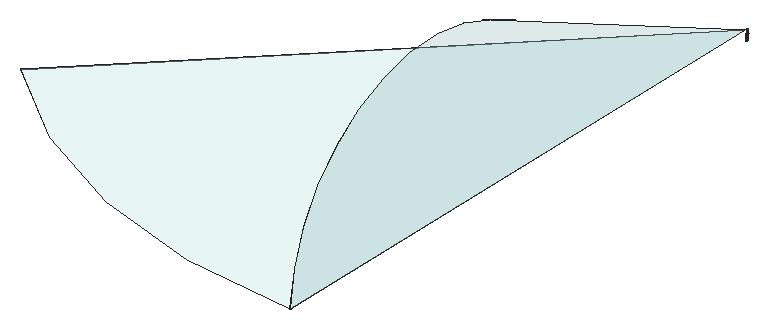
Revit family "Rotor 5000 Series - 5000SPCSAM", category Acessórios do tubo, Revit 2020
Family settings
  Cota do conector redondo = Utilizar diâmetro
  Tipo de parte = Normal
  Número OmniClass = 23.60.30.11.14
  Título OmniClass = Pipework Fittings
  Com base no plano de trabalho = Não
  Sempre na vertical = Sim
  Corte com vazios quando carregada = Não
  Compartilhado = Não
Parameters (values of type "Rain Curtain 6.0")
  Water = Water
  URL = "https://www.rainbird.com/"
  TABLE 65 = "TABLE 65psi"
  TABLE 55 75 = "TABLE 55 75psi"
  TABLE 55 = "TABLE 55psi"
  TABLE 45 = "TABLE 45psi"
  TABLE 35 = "TABLE 35psi"
  TABLE 25 = "TABLE 25psi"
  SupportProjetos: Reviw Date = ""  # constant formula
  SupportProjetos: Reviw = "R00"  # constant formula
  SupportProjetos: Level of Detail = "LOD 300"  # constant formula
  SupportProjetos: Developed = "MICHEL SOARES MOTA"  # constant formula
  SupportProjetos: Creation Date = "07/08/2020"  # constant formula
  Side inlet = no
  Rotation Water Visibility [instance] = Pop up on  # yes
  Rotation Angle [instance] = 45.00°
  RainBird: Product Link = "https://www.rainbird.com/"
  RainBird: Description = "5000SPCSAM Rotor "  # constant formula
  RainBird: Comment [instance] = ""
  RainBird: Code = "Y54907"  # constant formula
  Radius [instance] = if(and(Pressure = 25.0 psi, Instance < 25 ft), size_lookup(TABLE 25, "Radius", 0 ft, Instance), if(and(Pressure = 35.0 psi, Instance < 25 ft), size_lookup(TABLE 35, "Radius", 0 ft, Instance), if(and(Pressure = 45.0 psi, Instance < 25 ft), size_lookup(TABLE 45, "Radius", 0 ft, Instance), if(and(Pressure = 55.0 psi, Instance < 13 ft), size_lookup(TABLE 55, "Radius", 0 ft, Instance), if(and(Pressure = 65.0 psi, Instance < 13 ft), size_lookup(TABLE 65, "Radius", 0 ft, Instance), if(and(Pressure > 55.0 psi, Instance > 13 ft), size_lookup(TABLE 55 75, "Radius", 0 ft, Instance), 0 ft))))))  # 50 ft
  RT = 0.009893 ft
  RN = 0.032808 ft
  R5 = 0.03937 ft
  R4 = 0.04101 ft
  R3 = 0.065617 ft
  R2 = 0.075407 ft
  R1 = 0.032808 ft
  Pressure [instance] = 55.0 psi
  Pop up height = 0.334646 ft
  Pop up on [instance] = yes
  Modelo = "5000SPCSAM"  # constant formula
  Instance = 7 ft
  H1 = Body height / 3  # 0.194663 ft
  Flow [instance] = if(and(Pressure = 25.0 psi, Instance < 25 ft), size_lookup(TABLE 25, "Flow", 0.0 GPM, Instance), if(and(Pressure = 35.0 psi, Instance < 25 ft), size_lookup(TABLE 35, "Flow", 0.0 GPM, Instance), if(and(Pressure = 45.0 psi, Instance < 25 ft), size_lookup(TABLE 45, "Flow", 0.0 GPM, Instance), if(and(Pressure = 55.0 psi, Instance < 13 ft), size_lookup(TABLE 55, "Flow", 0.0 GPM, Instance), if(and(Pressure = 65.0 psi, Instance < 13 ft), size_lookup(TABLE 65, "Flow", 0.0 GPM, Instance), if(and(Pressure > 55.0 psi, Instance > 13 ft), size_lookup(TABLE 55 75, "Flow", 0.0 GPM, Instance), 0.0 GPM))))))  # 6.63 GPM
  Fabricante = "Rain Bird"
  Elevação padrão = 0 ft
  Description = RainBird: Description  # "5000SPCSAM Rotor "
  DD13 = 0.002625 ft
  DD12 = 0.003937 ft
  DD11 = 0.009897 ft
  DD10 = 0.016404 ft
  DD8 [instance] = if(Pop up on, Pop up height, 0 ft)  # 0.334646 ft
  DD7 = 0.019685 ft
  DD6 [instance] = 0.016404 ft
  DD5 = 0.065617 ft
  DD4 = 0.032808 ft
  DD3 = 0.091048 ft
  DD2 [instance] = 0.024514 ft
  DD9 [instance] = if(Pop up on, Pop up height + 0.049541 ft, 0 ft)  # 0.384186 ft
  DD1 = 0.006562 ft
  Conection = 0.062664 ft  # constant formula
  Body height = 0.58399 ft
  Blue = Blue Plastic
  Black Plastic = Black Plastic
  Angle = 25.00°
Types (25, lengths in ft): name | Rotation Angle | Radius | Pressure | Instance | Flow
  (no name) | 45.00° | 50 | 55.0 psi | 7 | 6.63 GPM
  Rain Curtain 1.5 | 180.00° | 33 | 25.0 psi | 1 | 1.12 GPM
  Rain Curtain 2.0 | 180.00° | 35 | 25.0 psi | 2 | 1.5 GPM
  Rain Curtain 3.0 | 180.00° | 36 | 25.0 psi | 4 | 2.26 GPM
  Rain Curtain 4.0 | 180.00° | 36 | 25.0 psi | 5 | 2.91 GPM
  Rain Curtain 5.0 | 180.00° | 37 | 25.0 psi | 6 | 3.72 GPM
  Rain Curtain 6.0 | 45.00° | 50 | 55.0 psi | 7 | 6.63 GPM
  Rain Curtain 8.0 | 180.00° | 33 | 25.0 psi | 8 | 5.9 GPM
  Rain Curtain 2.5 | 180.00° | 35 | 25.0 psi | 3 | 1.81 GPM
  1.0 LA | 180.00° | 25 | 25.0 psi | 9 | 0.76 GPM
  1.5 LA | 180.00° | 27 | 25.0 psi | 10 | 1.15 GPM
  2.0 LA | 180.00° | 29 | 25.0 psi | 11 | 1.47 GPM
  3.0 LA | 180.00° | 29 | 25.0 psi | 12 | 2.23 GPM
  PRS Rain Curtain 1.5 | 180.00° | 33 | 25.0 psi | 13 | 1.12 GPM
  PRS Rain Curtain 2.0 | 180.00° | 35 | 25.0 psi | 14 | 1.5 GPM
  PRS Rain Curtain 2.5 | 180.00° | 35 | 25.0 psi | 15 | 1.81 GPM
  PRS Rain Curtain 3.0 | 180.00° | 36 | 25.0 psi | 16 | 2.26 GPM
  PRS Rain Curtain 4.0 | 180.00° | 36 | 25.0 psi | 17 | 2.91 GPM
  PRS Rain Curtain 5.0 | 180.00° | 37 | 25.0 psi | 18 | 3.72 GPM
  PRS Rain Curtain 6.0 | 180.00° | 37 | 25.0 psi | 19 | 4.25 GPM
  PRS Rain Curtain 8.0 | 180.00° | 33 | 25.0 psi | 20 | 5.9 GPM
  PRS 1.0 LA | 180.00° | 25 | 25.0 psi | 21 | 0.76 GPM
  PRS 1.5 LA | 180.00° | 27 | 25.0 psi | 22 | 1.15 GPM
  PRS 2.0 LA | 180.00° | 29 | 25.0 psi | 23 | 1.47 GPM
  PRS 3.0 LA | 180.00° | 29 | 25.0 psi | 24 | 2.23 GPM
Reference planes (ft)
  plane 1 "Centro (Frente/Trás)": y = 0
  plane 2: z = 0
  plane 3 "Centro (Esquerda/Direita)": x = 0
  plane 4: z = 0.003937
  plane 5: z = 0.002625
  plane 6: y = -0.065617
Forms (ft)
  Revolve 1, solid, material "Black Plastic" <- "Black Plastic"
    sketch origin (0, 0, 0) x (1, 0, 0) y (0, 0, 1)
      loop
        line (0.075407, -0.091048) -> (0.075407, -0.035324)
        arc (0.075407, -0.035324) -> (0.072509, -0.028329) -> (0.065514, -0.025431) r 0.009893
        line (0.065514, -0.025431) -> (0.046098, -0.025431) -> (0.046098, 0) -> (0.03937, 0) -> (0.03937, -0.334646) -> (0.019685, -0.334646) -> (0.019685, -0.577428) -> (0.032808, -0.577428) -> (0.032808, -0.58399) -> (0.04101, -0.58399) -> (0.04101, -0.577428) -> (0.055724, -0.577428)
        arc (0.055724, -0.577428) -> (0.062719, -0.57453) -> (0.065617, -0.567535) r 0.009893
        line (0.065617, -0.567535) -> (0.065617, -0.091048) -> (0.075407, -0.091048)
      axis (0, -0.58399) -> (0, 0)
    angle from 0 to 360
  Extrusion 2, solid, material "Black Plastic" <- "Black Plastic"
    sketch origin (0, 0, 0) x (1, 0, 0) y (0, 1, 0)
      loop
        circle (0, 0) r 0.032808
    from -0.334646 to 0.334646
  Extrusion 3, void
    sketch origin (0, 0, 0) x (1, 0, 0) y (0, 1, 0)
      loop
        circle (0, 0) r 0.022844
    from -0.334646 to 0.334646
  Revolve 4, solid, material "Black Plastic" <- "Black Plastic"
    sketch origin (0, 0, 0) x (1, 0, 0) y (0, 0, 1)
      loop
        line (0, 0.334646) -> (0.037004, 0.334646) -> (0.037004, 0.344543)
        arc (0.037004, 0.344543) -> (0.01879, 0.349436) -> (0, 0.35105) r 0.10685
        line (0, 0.35105) -> (0, 0.334646)
      axis (0, 0.334646) -> (0, 0.35105)
    angle from 0 to 360
  Extrusion 5, solid, material "Blue Plastic" <- "Blue"
    sketch origin (0, 0, 0) x (1, 0, 0) y (0, 0, 1)
      loop
        circle (0, 0.310131) r 0.009129
      loop
        circle (0, 0.310131) r 0.004793
    from 0 to 0.034386
  Extrusion 6, void
    sketch origin (0, 0, 0) x (1, 0, 0) y (0, 0, 1)
      loop
        line (-0.02074, 0.328055) -> (-0.02074, 0.282426) -> (0.020672, 0.282426) -> (0.020672, 0.328055) -> (-0.02074, 0.328055)
      loop
        line (-0.018439, 0.325179) -> (-0.018439, 0.285685) -> (0.018179, 0.285685) -> (0.018179, 0.325179) -> (-0.018439, 0.325179)
    from 0.024556 to 0.06931
  Extrusion 7, solid, material "Black Plastic" <- "Black Plastic"
    sketch origin (0, 0, 0) x (1, 0, 0) y (0, 0, 1)
      loop
        line (0.046098, 0) -> (0.046098, -0.036876) -> (0.073493, -0.036876) -> (0.046098, 0)
    from -0.002998 to 0.002998
  Extrusion 8, solid, material "Black Plastic" <- "Black Plastic"
    sketch origin (0, 0, 0) x (-1, 0, 0) y (0, 0, -1)
      loop
        line (0.046098, 0) -> (0.073493, 0.036876) -> (0.046098, 0.036876) -> (0.046098, 0)
    from -0.002998 to 0.002998
  Extrusion 9, solid, material "Black Plastic" <- "Black Plastic"
    sketch origin (0, 0, 0) x (0.866025, 0.5, 0) y (0, 0, 1)
      loop
        line (0.046098, 0) -> (0.046098, -0.036876) -> (0.073493, -0.036876) -> (0.046098, 0)
    from -0.002998 to 0.002998
  Extrusion 10, solid, material "Black Plastic" <- "Black Plastic"
    sketch origin (0, 0, 0) x (-0.866025, -0.5, 0) y (0, 0, -1)
      loop
        line (0.046098, 0) -> (0.073493, 0.036876) -> (0.046098, 0.036876) -> (0.046098, 0)
    from -0.002998 to 0.002998
  Extrusion 11, solid, material "Black Plastic" <- "Black Plastic"
    sketch origin (0, 0, 0) x (0, 1, 0) y (0, 0, 1)
      loop
        line (0.046098, 0) -> (0.046098, -0.036876) -> (0.073493, -0.036876) -> (0.046098, 0)
    from -0.002998 to 0.002998
  Extrusion 12, solid, material "Black Plastic" <- "Black Plastic"
    sketch origin (0, 0, 0) x (0, -1, 0) y (0, 0, -1)
      loop
        line (0.046098, 0) -> (0.073493, 0.036876) -> (0.046098, 0.036876) -> (0.046098, 0)
    from -0.002998 to 0.002998
  Extrusion 13, solid, material "Black Plastic" <- "Black Plastic"
    sketch origin (0, 0, 0) x (0.5, 0.866025, 0) y (0, 0, 1)
      loop
        line (0.046098, 0) -> (0.046098, -0.036876) -> (0.073493, -0.036876) -> (0.046098, 0)
    from -0.002998 to 0.002998
  Extrusion 14, solid, material "Black Plastic" <- "Black Plastic"
    sketch origin (0, 0, 0) x (-0.5, -0.866025, 0) y (0, 0, -1)
      loop
        line (0.046098, 0) -> (0.073493, 0.036876) -> (0.046098, 0.036876) -> (0.046098, 0)
    from -0.002998 to 0.002998
  Extrusion 15, solid, material "Black Plastic" <- "Black Plastic"
    sketch origin (0, 0, 0) x (-0.5, 0.866025, 0) y (0, 0, 1)
      loop
        line (0.046098, 0) -> (0.046098, -0.036876) -> (0.073493, -0.036876) -> (0.046098, 0)
    from -0.002998 to 0.002998
  Extrusion 16, solid, material "Black Plastic" <- "Black Plastic"
    sketch origin (0, 0, 0) x (0.5, -0.866025, 0) y (0, 0, -1)
      loop
        line (0.046098, 0) -> (0.073493, 0.036876) -> (0.046098, 0.036876) -> (0.046098, 0)
    from -0.002998 to 0.002998
  Extrusion 17, solid, material "Black Plastic" <- "Black Plastic"
    sketch origin (0, 0, 0) x (-0.866025, 0.5, 0) y (0, 0, 1)
      loop
        line (0.046098, 0) -> (0.046098, -0.036876) -> (0.073493, -0.036876) -> (0.046098, 0)
    from -0.002998 to 0.002998
  Extrusion 18, solid, material "Black Plastic" <- "Black Plastic"
    sketch origin (0, 0, 0) x (0.866025, -0.5, 0) y (0, 0, -1)
      loop
        line (0.046098, 0) -> (0.073493, 0.036876) -> (0.046098, 0.036876) -> (0.046098, 0)
    from -0.002998 to 0.002998
  Extrusion 19, void
    sketch origin (0, 0, 0) x (1, 0, 0) y (0, 1, 0)
      loop
        line (-0.002998, 0.077702) -> (-0.002998, 0.071655) -> (0.002998, 0.071655) -> (0.002998, 0.077702) -> (-0.002998, 0.077702)
    from -0.091048 to 0.82021
  Extrusion 20, void
    sketch origin (0, 0, 0) x (1, 0, 0) y (0, 1, 0)
      loop
        line (0.002998, -0.077702) -> (0.002998, -0.071655) -> (-0.002998, -0.071655) -> (-0.002998, -0.077702) -> (0.002998, -0.077702)
    from -0.091048 to 0.82021
  Extrusion 21, void
    sketch origin (0, 0, 0) x (0.965926, 0.258819, 0) y (-0.258819, 0.965926, 0)
      loop
        line (-0.002998, 0.077702) -> (-0.002998, 0.071655) -> (0.002998, 0.071655) -> (0.002998, 0.077702) -> (-0.002998, 0.077702)
    from -0.091048 to 0.82021
  Extrusion 22, void
    sketch origin (0, 0, 0) x (0.965926, 0.258819, 0) y (-0.258819, 0.965926, 0)
      loop
        line (0.002998, -0.077702) -> (0.002998, -0.071655) -> (-0.002998, -0.071655) -> (-0.002998, -0.077702) -> (0.002998, -0.077702)
    from -0.091048 to 0.82021
  Extrusion 23, void
    sketch origin (0, 0, 0) x (0.866025, 0.5, 0) y (-0.5, 0.866025, 0)
      loop
        line (-0.002998, 0.077702) -> (-0.002998, 0.071655) -> (0.002998, 0.071655) -> (0.002998, 0.077702) -> (-0.002998, 0.077702)
    from -0.091048 to 0.82021
  Extrusion 24, void
    sketch origin (0, 0, 0) x (0.866025, 0.5, 0) y (-0.5, 0.866025, 0)
      loop
        line (0.002998, -0.077702) -> (0.002998, -0.071655) -> (-0.002998, -0.071655) -> (-0.002998, -0.077702) -> (0.002998, -0.077702)
    from -0.091048 to 0.82021
  Extrusion 25, void
    sketch origin (0, 0, 0) x (0.5, 0.866025, 0) y (-0.866025, 0.5, 0)
      loop
        line (-0.002998, 0.077702) -> (-0.002998, 0.071655) -> (0.002998, 0.071655) -> (0.002998, 0.077702) -> (-0.002998, 0.077702)
    from -0.091048 to 0.82021
  Extrusion 26, void
    sketch origin (0, 0, 0) x (0.5, 0.866025, 0) y (-0.866025, 0.5, 0)
      loop
        line (0.002998, -0.077702) -> (0.002998, -0.071655) -> (-0.002998, -0.071655) -> (-0.002998, -0.077702) -> (0.002998, -0.077702)
    from -0.091048 to 0.82021
  Extrusion 27, void
    sketch origin (0, 0, 0) x (0.707107, 0.707107, 0) y (-0.707107, 0.707107, 0)
      loop
        line (-0.002998, 0.077702) -> (-0.002998, 0.071655) -> (0.002998, 0.071655) -> (0.002998, 0.077702) -> (-0.002998, 0.077702)
    from -0.091048 to 0.82021
  Extrusion 28, void
    sketch origin (0, 0, 0) x (0.707107, 0.707107, 0) y (-0.707107, 0.707107, 0)
      loop
        line (0.002998, -0.077702) -> (0.002998, -0.071655) -> (-0.002998, -0.071655) -> (-0.002998, -0.077702) -> (0.002998, -0.077702)
    from -0.091048 to 0.82021
  Extrusion 29, void
    sketch origin (0, 0, 0) x (0.258819, 0.965926, 0) y (-0.965926, 0.258819, 0)
      loop
        line (-0.002998, 0.077702) -> (-0.002998, 0.071655) -> (0.002998, 0.071655) -> (0.002998, 0.077702) -> (-0.002998, 0.077702)
    from -0.091048 to 0.82021
  Extrusion 30, void
    sketch origin (0, 0, 0) x (0.258819, 0.965926, 0) y (-0.965926, 0.258819, 0)
      loop
        line (0.002998, -0.077702) -> (0.002998, -0.071655) -> (-0.002998, -0.071655) -> (-0.002998, -0.077702) -> (0.002998, -0.077702)
    from -0.091048 to 0.82021
  Extrusion 31, void
    sketch origin (0, 0, 0) x (0, 1, 0) y (-1, 0, 0)
      loop
        line (-0.002998, 0.077702) -> (-0.002998, 0.071655) -> (0.002998, 0.071655) -> (0.002998, 0.077702) -> (-0.002998, 0.077702)
    from -0.091048 to 0.82021
  Extrusion 32, void
    sketch origin (0, 0, 0) x (0, 1, 0) y (-1, 0, 0)
      loop
        line (0.002998, -0.077702) -> (0.002998, -0.071655) -> (-0.002998, -0.071655) -> (-0.002998, -0.077702) -> (0.002998, -0.077702)
    from -0.091048 to 0.82021
  Extrusion 33, void
    sketch origin (0, 0, 0) x (-0.258819, 0.965926, 0) y (-0.965926, -0.258819, 0)
      loop
        line (-0.002998, 0.077702) -> (-0.002998, 0.071655) -> (0.002998, 0.071655) -> (0.002998, 0.077702) -> (-0.002998, 0.077702)
    from -0.091048 to 0.82021
  Extrusion 34, void
    sketch origin (0, 0, 0) x (-0.258819, 0.965926, 0) y (-0.965926, -0.258819, 0)
      loop
        line (0.002998, -0.077702) -> (0.002998, -0.071655) -> (-0.002998, -0.071655) -> (-0.002998, -0.077702) -> (0.002998, -0.077702)
    from -0.091048 to 0.82021
  Extrusion 35, void
    sketch origin (0, 0, 0) x (-0.5, 0.866025, 0) y (-0.866025, -0.5, 0)
      loop
        line (-0.002998, 0.077702) -> (-0.002998, 0.071655) -> (0.002998, 0.071655) -> (0.002998, 0.077702) -> (-0.002998, 0.077702)
    from -0.091048 to 0.82021
  Extrusion 36, void
    sketch origin (0, 0, 0) x (-0.5, 0.866025, 0) y (-0.866025, -0.5, 0)
      loop
        line (0.002998, -0.077702) -> (0.002998, -0.071655) -> (-0.002998, -0.071655) -> (-0.002998, -0.077702) -> (0.002998, -0.077702)
    from -0.091048 to 0.82021
  Extrusion 37, void
    sketch origin (0, 0, 0) x (-0.707107, 0.707107, 0) y (-0.707107, -0.707107, 0)
      loop
        line (-0.002998, 0.077702) -> (-0.002998, 0.071655) -> (0.002998, 0.071655) -> (0.002998, 0.077702) -> (-0.002998, 0.077702)
    from -0.091048 to 0.82021
  Extrusion 38, void
    sketch origin (0, 0, 0) x (-0.707107, 0.707107, 0) y (-0.707107, -0.707107, 0)
      loop
        line (0.002998, -0.077702) -> (0.002998, -0.071655) -> (-0.002998, -0.071655) -> (-0.002998, -0.077702) -> (0.002998, -0.077702)
    from -0.091048 to 0.82021
  Extrusion 39, void
    sketch origin (0, 0, 0) x (-0.866025, 0.5, 0) y (-0.5, -0.866025, 0)
      loop
        line (-0.002998, 0.077702) -> (-0.002998, 0.071655) -> (0.002998, 0.071655) -> (0.002998, 0.077702) -> (-0.002998, 0.077702)
    from -0.091048 to 0.82021
  Extrusion 40, void
    sketch origin (0, 0, 0) x (-0.866025, 0.5, 0) y (-0.5, -0.866025, 0)
      loop
        line (0.002998, -0.077702) -> (0.002998, -0.071655) -> (-0.002998, -0.071655) -> (-0.002998, -0.077702) -> (0.002998, -0.077702)
    from -0.091048 to 0.82021
  Extrusion 41, void
    sketch origin (0, 0, 0) x (-0.965926, 0.258819, 0) y (-0.258819, -0.965926, 0)
      loop
        line (-0.002998, 0.077702) -> (-0.002998, 0.071655) -> (0.002998, 0.071655) -> (0.002998, 0.077702) -> (-0.002998, 0.077702)
    from -0.091048 to 0.82021
  Extrusion 42, void
    sketch origin (0, 0, 0) x (-0.965926, 0.258819, 0) y (-0.258819, -0.965926, 0)
      loop
        line (0.002998, -0.077702) -> (0.002998, -0.071655) -> (-0.002998, -0.071655) -> (-0.002998, -0.077702) -> (0.002998, -0.077702)
    from -0.091048 to 0.82021
  Extrusion 43, solid, material "Water" <- "Water", visible <- "Rotation Water Visibility"
    sketch origin (0, 0, 0) x (0, 1, 0) y (0, 0, 1)
      loop
        line (-0.032808, 0.310131) -> (-28.112196, 13.403765)
        arc (-28.112196, 13.403765) -> (-42.542576, 12.666347) -> (-50.032808, 0.310131) r 15.426605
        line (-50.032808, 0.310131) -> (-0.032808, 0.310131)
    from -0.008202 to 0.008202
Cuts and joins
  Extrusion 3, Extrusion 6 cuts Extrusion 2
  Extrusion 19, Extrusion 20, Extrusion 21, Extrusion 22, Extrusion 23, Extrusion 24, Extrusion 25, Extrusion 26, Extrusion 27, Extrusion 28, Extrusion 29, Extrusion 30, Extrusion 31, Extrusion 32, Extrusion 33, Extrusion 34, Extrusion 35, Extrusion 36, Extrusion 37, Extrusion 38, Extrusion 39, Extrusion 40, Extrusion 41, Extrusion 42 cuts Revolve 1
Dimensions and locks (ft)
  "Body height": level to Revolve 1 sketch curve
  "R2": Revolve 1 sketch curve to plane 3 "Centro (Esquerda/Direita)"
  "DD1": Revolve 1 sketch curve to Revolve 1 sketch curve
  "DD3": level to Revolve 1 sketch curve
  Revolve 1 sketch curve to plane 3 "Centro (Esquerda/Direita)" = 0.065617 ft
  "R4": Revolve 1 sketch curve to plane 3 "Centro (Esquerda/Direita)"
  "RN": Revolve 1 sketch curve to plane 3 "Centro (Esquerda/Direita)"
  "Pop up height": level to Revolve 1 sketch curve
  "R5": plane 3 "Centro (Esquerda/Direita)" to Revolve 1 sketch curve
  "DD7": Revolve 1 sketch curve to plane 3 "Centro (Esquerda/Direita)"
  "DD8": Extrusion 2 to level
  "DD12": plane 4 to level
  "DD13": plane 5 to level
  "R3": plane 6 to plane 1 "Centro (Frente/Trás)"
  "DD5": Revolve 1 sketch curve to Revolve 1 sketch curve
  "DD10": Revolve 4 sketch curve to Revolve 4 sketch curve
  "DD11": Revolve 4 sketch curve to Revolve 4 sketch curve
  "DD2": Revolve 4 to Extrusion 5 sketch curve  (x2)
  Extrusion 7 to plane 3 "Centro (Esquerda/Direita)" = 0.046098 ft
  equal spacing: Extrusion 7, plane 1 "Centro (Frente/Trás)", Extrusion 7
  Extrusion 8 to Extrusion 8 = 0.005995 ft
  Extrusion 9 to Extrusion 9 = 0.005995 ft
  Extrusion 20 sketch curve to Extrusion 20 sketch curve = 0.005995 ft
  Extrusion 22 sketch curve to Extrusion 22 sketch curve = 0.005995 ft
  Extrusion 24 sketch curve to Extrusion 24 sketch curve = 0.005995 ft
  Extrusion 26 sketch curve to Extrusion 26 sketch curve = 0.005995 ft
  Extrusion 28 sketch curve to Extrusion 28 sketch curve = 0.005995 ft
  Extrusion 30 sketch curve to Extrusion 30 sketch curve = 0.005995 ft
  Extrusion 32 sketch curve to Extrusion 32 sketch curve = 0.005995 ft
  Extrusion 34 sketch curve to Extrusion 34 sketch curve = 0.005995 ft
  Extrusion 36 sketch curve to Extrusion 36 sketch curve = 0.005995 ft
  Extrusion 38 sketch curve to Extrusion 38 sketch curve = 0.005995 ft
  Extrusion 40 sketch curve to Extrusion 40 sketch curve = 0.005995 ft
  Extrusion 42 sketch curve to Extrusion 42 sketch curve = 0.005995 ft
  "DD4": plane 1 "Centro (Frente/Trás)" to Extrusion 43 sketch curve
  "DD2": Revolve 4 to Extrusion 43 sketch curve
  "Radius": Extrusion 43 sketch curve to Extrusion 43 sketch curve
  equal spacing: Extrusion 43, plane 3 "Centro (Esquerda/Direita)", Extrusion 43
  "DD6": Extrusion 43 to Extrusion 43
  "DD2": Revolve 4 to nested 1
  "RT": radius of Revolve 1 sketch curve  (x2)
  "R1": radius of Extrusion 2 sketch curve
  "Angle": angle Extrusion 43 sketch curve to Extrusion 43 sketch curve
  aligned and locked: level to plane 2
  aligned and locked: Revolve 1 sketch curve to Revolve 1 sketch curve
  aligned and locked: Extrusion 2 to Revolve 1
  aligned and locked: cut or joined group of Extrusion 2, Extrusion 3, Extrusion 6 to cut or joined group of Extrusion 2, Extrusion 3, Extrusion 6  (x2)
  aligned and locked: Revolve 4 sketch curve to cut or joined group of Extrusion 2, Extrusion 3, Extrusion 6
  aligned and locked: Extrusion 20 to Revolve 1
  aligned and locked: Extrusion 22 to Revolve 1
  aligned and locked: Extrusion 24 to Revolve 1
  aligned and locked: Extrusion 28 to Revolve 1
  aligned and locked: Extrusion 26 to Revolve 1
  aligned and locked: Extrusion 30 to Revolve 1
  aligned and locked: Extrusion 32 to Revolve 1
  aligned and locked: Extrusion 34 to Revolve 1
  aligned and locked: Revolve 1 to Extrusion 36
  aligned and locked: Revolve 1 to Extrusion 38
  aligned and locked: Extrusion 41 to Revolve 1
  aligned and locked: Extrusion 39 to Revolve 1
  aligned and locked: Extrusion 37 to Revolve 1
  aligned and locked: Extrusion 35 to Revolve 1
  aligned and locked: Extrusion 33 to Revolve 1
  aligned and locked: Extrusion 31 to Revolve 1
  aligned and locked: Extrusion 29 to Revolve 1
  aligned and locked: Revolve 1 to Extrusion 25
  aligned and locked: Revolve 1 to Extrusion 27
  aligned and locked: Revolve 1 to Extrusion 19
  aligned and locked: Revolve 1 to Extrusion 21
  aligned and locked: Revolve 1 to Extrusion 42
  aligned and locked: Revolve 1 to Extrusion 40
  aligned and locked: Revolve 1 to Extrusion 23
Automatic sketch dimensions
  plane 1 "Centro (Frente/Trás)" to Extrusion 2 sketch curve = 0 ft
  Extrusion 2 sketch curve to plane 3 "Centro (Esquerda/Direita)" = 0 ft
  plane 1 "Centro (Frente/Trás)" to Extrusion 3 sketch curve = 0 ft
  Extrusion 3 sketch curve to plane 3 "Centro (Esquerda/Direita)" = 0 ft
  Revolve 4 sketch curve to plane 3 "Centro (Esquerda/Direita)" = 0 ft  (x2)
  plane 3 "Centro (Esquerda/Direita)" to Revolve 4 sketch curve = 0.000284 ft
  plane 3 "Centro (Esquerda/Direita)" to Revolve 4 sketch curve = 0.037004 ft
  Revolve 4 sketch curve to Revolve 4 sketch curve = 0.015719 ft
  Revolve 4 sketch curve to Revolve 4 sketch curve = 0.114829 ft
  Extrusion 5 sketch curve to Extrusion 5 sketch curve = 0 ft
  Extrusion 5 sketch curve to plane 3 "Centro (Esquerda/Direita)" = 0 ft
  Extrusion 6 sketch curve to plane 3 "Centro (Esquerda/Direita)" = 0.02074 ft
  Extrusion 6 sketch curve to Extrusion 6 sketch curve = 0.002301 ft
  plane 3 "Centro (Esquerda/Direita)" to Extrusion 6 sketch curve = 0.018179 ft
  Extrusion 6 sketch curve to Extrusion 6 sketch curve = 0.002492 ft
  plane 4 to Extrusion 6 sketch curve = 0.278489 ft
  Extrusion 6 sketch curve to Extrusion 6 sketch curve = 0.003259 ft
  Extrusion 6 sketch curve to Extrusion 6 sketch curve = 0.039494 ft
  Extrusion 6 sketch curve to Extrusion 6 sketch curve = 0.002876 ft
  Extrusion 7 sketch curve to level = 0 ft
  plane 3 "Centro (Esquerda/Direita)" to Extrusion 7 sketch curve = 0.046098 ft
  Extrusion 7 sketch curve to Extrusion 7 sketch curve = 0.027396 ft
  Extrusion 7 sketch curve to Extrusion 7 sketch curve = 0.036876 ft
  Extrusion 8 sketch curve to level = 0 ft
  plane 3 "Centro (Esquerda/Direita)" to Extrusion 8 sketch curve = 0.046098 ft
  Extrusion 8 sketch curve to Extrusion 8 sketch curve = 0.027396 ft
  Extrusion 8 sketch curve to Extrusion 8 sketch curve = 0.036876 ft
  Extrusion 9 sketch curve to level = 0 ft
  Extrusion 9 sketch curve to level = 0.036876 ft
  Extrusion 9 sketch curve to Extrusion 9 sketch curve = 0.027396 ft
  Extrusion 10 sketch curve to level = 0 ft
  Extrusion 10 sketch curve to level = 0.036876 ft
  Extrusion 10 sketch curve to Extrusion 10 sketch curve = 0.027396 ft
  Extrusion 11 sketch curve to level = 0 ft
  Extrusion 11 sketch curve to plane 1 "Centro (Frente/Trás)" = 0.046098 ft
  Extrusion 11 sketch curve to Extrusion 11 sketch curve = 0.027396 ft
  Extrusion 11 sketch curve to Extrusion 11 sketch curve = 0.036876 ft
  Extrusion 12 sketch curve to level = 0 ft
  plane 6 to Extrusion 12 sketch curve = 0.019519 ft
  Extrusion 12 sketch curve to plane 6 = 0.007877 ft
  Extrusion 12 sketch curve to level = 0.036876 ft
  Extrusion 13 sketch curve to level = 0 ft
  Extrusion 13 sketch curve to level = 0.036876 ft
  Extrusion 13 sketch curve to Extrusion 13 sketch curve = 0.027396 ft
  Extrusion 14 sketch curve to level = 0 ft
  Extrusion 14 sketch curve to level = 0.036876 ft
  Extrusion 14 sketch curve to Extrusion 14 sketch curve = 0.027396 ft
  level to Extrusion 15 sketch curve = 0 ft
  Extrusion 15 sketch curve to level = 0.036876 ft
  Extrusion 15 sketch curve to Extrusion 15 sketch curve = 0.027396 ft
  level to Extrusion 16 sketch curve = 0 ft
  Extrusion 16 sketch curve to level = 0.036876 ft
  Extrusion 16 sketch curve to Extrusion 16 sketch curve = 0.027396 ft
  level to Extrusion 17 sketch curve = 0 ft
  Extrusion 17 sketch curve to level = 0.036876 ft
  Extrusion 17 sketch curve to Extrusion 17 sketch curve = 0.027396 ft
  level to Extrusion 18 sketch curve = 0 ft
  Extrusion 18 sketch curve to level = 0.036876 ft
  Extrusion 18 sketch curve to Extrusion 18 sketch curve = 0.027396 ft
  Extrusion 19 sketch curve to plane 3 "Centro (Esquerda/Direita)" = 0.002998 ft
  Extrusion 19 sketch curve to plane 1 "Centro (Frente/Trás)" = 0.071655 ft
  Extrusion 19 sketch curve to Extrusion 19 sketch curve = 0.006047 ft
  plane 3 "Centro (Esquerda/Direita)" to Extrusion 20 sketch curve = 0.002998 ft
  plane 6 to Extrusion 20 sketch curve = 0.006038 ft
  Extrusion 20 sketch curve to Extrusion 20 sketch curve = 0.006047 ft
  plane 3 "Centro (Esquerda/Direita)" to Extrusion 19 sketch curve = 0.002998 ft
  Extrusion 21 sketch curve to plane 3 "Centro (Esquerda/Direita)" = 0.021441 ft
  Extrusion 21 sketch curve to plane 1 "Centro (Frente/Trás)" = 0.068438 ft
  Extrusion 21 sketch curve to Extrusion 21 sketch curve = 0.005995 ft
  Extrusion 21 sketch curve to Extrusion 21 sketch curve = 0.006047 ft
  Extrusion 22 sketch curve to plane 6 = 0.010213 ft
  plane 3 "Centro (Esquerda/Direita)" to Extrusion 22 sketch curve = 0.017215 ft
  Extrusion 22 sketch curve to Extrusion 22 sketch curve = 0.006047 ft
  Extrusion 23 sketch curve to plane 3 "Centro (Esquerda/Direita)" = 0.038424 ft
  Extrusion 23 sketch curve to plane 1 "Centro (Frente/Trás)" = 0.060556 ft
  Extrusion 23 sketch curve to Extrusion 23 sketch curve = 0.005995 ft
  Extrusion 23 sketch curve to Extrusion 23 sketch curve = 0.006047 ft
  Extrusion 24 sketch curve to plane 6 = 0.003174 ft
  plane 3 "Centro (Esquerda/Direita)" to Extrusion 24 sketch curve = 0.036255 ft
  Extrusion 24 sketch curve to Extrusion 24 sketch curve = 0.006047 ft
  Extrusion 25 sketch curve to plane 1 "Centro (Frente/Trás)" = 0.033231 ft
  Extrusion 25 sketch curve to plane 3 "Centro (Esquerda/Direita)" = 0.063554 ft
  Extrusion 25 sketch curve to Extrusion 25 sketch curve = 0.005995 ft
  Extrusion 25 sketch curve to Extrusion 25 sketch curve = 0.006047 ft
  Extrusion 26 sketch curve to plane 6 = 0.02417 ft
  Extrusion 26 sketch curve to plane 3 "Centro (Esquerda/Direita)" = 0.065793 ft
  Extrusion 26 sketch curve to Extrusion 26 sketch curve = 0.006047 ft
  Extrusion 27 sketch curve to plane 1 "Centro (Frente/Trás)" = 0.048548 ft
  Extrusion 27 sketch curve to plane 3 "Centro (Esquerda/Direita)" = 0.052787 ft
  Extrusion 27 sketch curve to Extrusion 27 sketch curve = 0.005995 ft
  Extrusion 27 sketch curve to Extrusion 27 sketch curve = 0.006047 ft
  plane 6 to Extrusion 28 sketch curve = 0.008554 ft
  plane 3 "Centro (Esquerda/Direita)" to Extrusion 28 sketch curve = 0.052824 ft
  Extrusion 28 sketch curve to Extrusion 28 sketch curve = 0.006047 ft
  Extrusion 29 sketch curve to plane 1 "Centro (Frente/Trás)" = 0.01565 ft
  Extrusion 29 sketch curve to plane 3 "Centro (Esquerda/Direita)" = 0.069989 ft
  Extrusion 29 sketch curve to Extrusion 29 sketch curve = 0.005995 ft
  Extrusion 29 sketch curve to Extrusion 29 sketch curve = 0.006047 ft
  plane 1 "Centro (Frente/Trás)" to Extrusion 30 sketch curve = 0.023006 ft
  plane 3 "Centro (Esquerda/Direita)" to Extrusion 30 sketch curve = 0.074278 ft
  Extrusion 30 sketch curve to Extrusion 30 sketch curve = 0.006047 ft
  plane 1 "Centro (Frente/Trás)" to Extrusion 31 sketch curve = 0.002998 ft
  Extrusion 31 sketch curve to plane 1 "Centro (Frente/Trás)" = 0.002998 ft
  Extrusion 31 sketch curve to plane 3 "Centro (Esquerda/Direita)" = 0.071655 ft
  Extrusion 31 sketch curve to Extrusion 31 sketch curve = 0.006047 ft
  plane 1 "Centro (Frente/Trás)" to Extrusion 32 sketch curve = 0.002998 ft
  plane 3 "Centro (Esquerda/Direita)" to Extrusion 32 sketch curve = 0.077702 ft
  Extrusion 32 sketch curve to Extrusion 32 sketch curve = 0.006047 ft
  plane 1 "Centro (Frente/Trás)" to Extrusion 33 sketch curve = 0.021441 ft
  Extrusion 33 sketch curve to plane 3 "Centro (Esquerda/Direita)" = 0.068438 ft
  Extrusion 33 sketch curve to Extrusion 33 sketch curve = 0.005995 ft
  Extrusion 33 sketch curve to Extrusion 33 sketch curve = 0.006047 ft
  Extrusion 34 sketch curve to plane 1 "Centro (Frente/Trás)" = 0.017215 ft
  plane 3 "Centro (Esquerda/Direita)" to Extrusion 34 sketch curve = 0.07583 ft
  Extrusion 34 sketch curve to Extrusion 34 sketch curve = 0.006047 ft
  plane 6 to Extrusion 35 sketch curve = 0.027193 ft
  Extrusion 35 sketch curve to plane 3 "Centro (Esquerda/Direita)" = 0.060556 ft
  Extrusion 35 sketch curve to Extrusion 35 sketch curve = 0.005995 ft
  Extrusion 35 sketch curve to Extrusion 35 sketch curve = 0.006047 ft
  Extrusion 36 sketch curve to plane 1 "Centro (Frente/Trás)" = 0.036255 ft
  plane 3 "Centro (Esquerda/Direita)" to Extrusion 36 sketch curve = 0.068791 ft
  Extrusion 36 sketch curve to Extrusion 36 sketch curve = 0.006047 ft
  plane 6 to Extrusion 37 sketch curve = 0.012829 ft
  Extrusion 37 sketch curve to plane 3 "Centro (Esquerda/Direita)" = 0.048548 ft
  Extrusion 37 sketch curve to Extrusion 37 sketch curve = 0.005995 ft
  Extrusion 37 sketch curve to Extrusion 37 sketch curve = 0.006047 ft
  Extrusion 38 sketch curve to plane 1 "Centro (Frente/Trás)" = 0.052824 ft
  plane 3 "Centro (Esquerda/Direita)" to Extrusion 38 sketch curve = 0.057063 ft
  Extrusion 38 sketch curve to Extrusion 38 sketch curve = 0.006047 ft
  plane 6 to Extrusion 39 sketch curve = 0.002063 ft
  Extrusion 39 sketch curve to plane 3 "Centro (Esquerda/Direita)" = 0.033231 ft
  Extrusion 39 sketch curve to Extrusion 39 sketch curve = 0.005995 ft
  Extrusion 39 sketch curve to Extrusion 39 sketch curve = 0.006047 ft
  plane 3 "Centro (Esquerda/Direita)" to Extrusion 40 sketch curve = 0.041447 ft
  Extrusion 40 sketch curve to plane 1 "Centro (Frente/Trás)" = 0.065793 ft
  Extrusion 40 sketch curve to Extrusion 40 sketch curve = 0.006047 ft
  Extrusion 41 sketch curve to plane 6 = 0.004372 ft
  Extrusion 41 sketch curve to plane 3 "Centro (Esquerda/Direita)" = 0.01565 ft
  Extrusion 41 sketch curve to Extrusion 41 sketch curve = 0.005995 ft
  Extrusion 41 sketch curve to Extrusion 41 sketch curve = 0.006047 ft
  plane 3 "Centro (Esquerda/Direita)" to Extrusion 42 sketch curve = 0.023006 ft
  Extrusion 42 sketch curve to plane 1 "Centro (Frente/Trás)" = 0.074278 ft
  Extrusion 42 sketch curve to Extrusion 42 sketch curve = 0.006047 ft
  Revolve 1 sketch curve to plane 3 "Centro (Esquerda/Direita)" = 0 ft
  Revolve 1 sketch curve to level = 0 ft
  Revolve 1 sketch curve to Revolve 1 sketch curve = 0.019416 ft
  plane 4 to Revolve 1 sketch curve = 0.079347 ft
  Revolve 1 sketch curve to Revolve 1 sketch curve = 0.918635 ft
  Extrusion 43 sketch curve to level = 0.577487 ft
  radius of Extrusion 3 sketch curve = 0.022844 ft
  radius of Extrusion 5 sketch curve = 0.009129 ft
  radius of Extrusion 5 sketch curve = 0.004793 ft
Nested families (ft)
  nested 1: "Water" at (-0.000034, 0, 0.190873) x (0, -1, 0) z (0, 0, 1), DT9 <- "DD4", Radius <- "Radius", visible <- "Rotation Water Visibility", Rotation Angle <- "Rotation Angle", type "Water"
    with Rotation Angle 45.00°, Radius 50 ft, DT9 0.032808 ft, DT8 0 ft, DT7 200 ft, DT4 250 ft, Angle 2 315.00°
Connectors (ft)
  piping at (0, 0, -0.58399), diameter 2
    settings: on cut or joined group of Revolve 1, Extrusion 19, Extrusion 20, Extrusion 21, Extrusion 22, Extrusion 23, Extrusion 24, Extrusion 25, Extrusion 26, Extrusion 27, Extrusion 28, Extrusion 29, Extrusion 30, Extrusion 31, Extrusion 32, Extrusion 33, Extrusion 34, Extrusion 35, Extrusion 36, Extrusion 37, Extrusion 38, Extrusion 39, Extrusion 40, Extrusion 41, Extrusion 42, index 1, connector inside diameter 609.6 mm, connector length 0 ft, flow factor 0, pipe flow 0.0 GPM, pressure drop 0.0 psi, fitting loss kfactor 0, connector angle 0.00°, fixture units 0, engagement length 0 ft, angle of deflection 0.00°, flow configuration 0, flow direction 0, fitting loss method 0, system type 28, joint type 0, gender type 0, connector reference index -1, connector utility 0, adjustable connector no, is connector primary yes, connector description ""
Definition of nested family "Water"
  Parameters (values of type "Water")
    Water Visibility (Circle) = yes
    Water = none
    URL = ""
    SupportProjetos: Reviw Date = ""  # constant formula
    SupportProjetos: Level of Detail = "LOD 300"  # constant formula
    SupportProjetos: Developed = "MICHEL SOARES MOTA"  # constant formula
    SupportProjetos: Creation Date = "16/07/2020"  # constant formula
    Rotation Angle [instance] = 90.00°
    Reviw = "R00"  # constant formula
    Radius [instance] = 14 ft
    Model = ""
    Default Elevation = 4 ft
    Description = ""
    DT9 [instance] = 0.032808 ft
    DT8 [instance] = if(Rotation Angle = 360.00°, 10 ft, 0 ft)  # 0 ft
    DT7 [instance] = 4 * Radius  # 56 ft
    DT4 [instance] = 5 * Radius  # 70 ft
    DT2 = 0.098425 ft  # constant formula
    DT6 = 0 ft
    Angle 2 [instance] = if(Rotation Angle = 360.00°, 180.00°, 360.00° - Rotation Angle)  # 270.00°
  Reference planes (ft)
    plane 1 "Centro (Frente/Trás)": y = 0
    plane 2: z = 0
    plane 3 "Centro (Esquerda/Direita)": x = 0
  Forms (ft)
    Revolve 1, solid, material <- "Water", visible <- "Water Visibility (Circle)"
      sketch origin (0, 0, 0) x (1, 0, 0) y (0, 0, 1)
        loop
          line (0.032808, 0.098425) -> (14.032808, 0.098425) -> (14.032808, 0.119259) -> (0.032808, 0.119259) -> (0.032808, 0.098425)
        axis (0, 0.098425) -> (0, 0.119259)
      angle from 0 to 360
    Extrusion 2, void
      sketch origin (0, 0, 0) x (1, 0, 0) y (0, 1, 0)
        loop
          line (0, 0) -> (70, 0) -> (70, 56)
          arc (70, 56) -> (-70.459018, 51.588344) -> (0, -70) r 81.847109
          line (0, -70) -> (0, 0)
      from 0 to 15.189231
  Cuts and joins
    Extrusion 2 cuts Revolve 1
  Dimensions and locks (ft)
    "DT2": Revolve 1 sketch curve to level
    "DT4": Extrusion 2 sketch curve to Extrusion 2 sketch curve  (x2)
    "DT6": Extrusion 2 sketch curve to plane 3 "Centro (Esquerda/Direita)"
    "DT7": Extrusion 2 sketch curve to Extrusion 2 sketch curve
    "DT8": cut or joined group of Revolve 1, Extrusion 2 to level
    "Radius": Revolve 1 sketch curve to Revolve 1 sketch curve
    "DT9": Revolve 1 sketch curve to plane 3 "Centro (Esquerda/Direita)"
    "Angle 2": angle Extrusion 2 sketch curve to Extrusion 2 sketch curve
    aligned and locked: level to plane 2
    aligned and locked: plane 1 "Centro (Frente/Trás)" to Extrusion 2 sketch curve
  Automatic sketch dimensions
    plane 3 "Centro (Esquerda/Direita)" to Extrusion 2 sketch curve = 1.088227 ft
    Revolve 1 sketch curve to plane 3 "Centro (Esquerda/Direita)" = 0 ft
    Revolve 1 sketch curve to Revolve 1 sketch curve = 0.020833 ft
    Revolve 1 sketch curve to Revolve 1 sketch curve = 0.032113 ft
    Revolve 1 sketch curve to Revolve 1 sketch curve = 10.2693 ft
